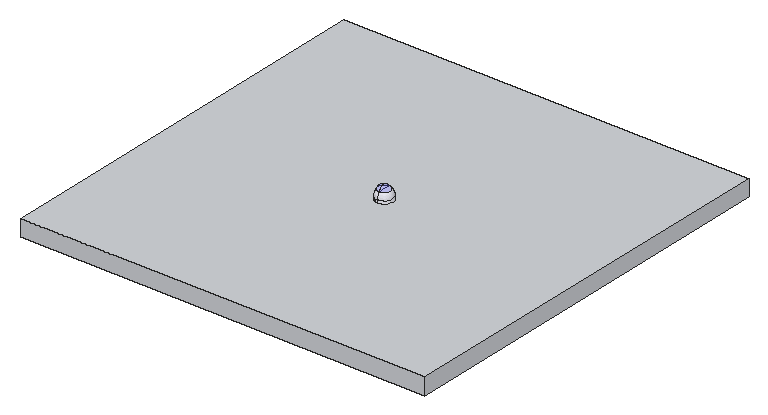
Revit family "BEG-92218", category Dispositifs d'éclairage, Revit 2015
Parameters
  Detection zone [instance] = yes
  URL = "http://www.luxomat.com/en-92218"
  Type of output = "DIM (50 ballasts max)"
  Ambiant temperature = "-25°C to +50°C"
  Ref = "92218"
  Relay = "10A"
  height position [instance] = 250 cm
  Modèle = "PD4M-DIM-C-SM"
  Installation type = "Ceiling"
  Brand = "LUXOMAT"
  Image du type = 92218.jpg
  IP = "54"
  Mounting height max = Installation height max  # 270 cm
  Installation height max = 270 cm
  Fabricant = "B.E.G"
  Label [instance] = yes
  Default Elevation = 0 cm
  Consumption = "0.48W"
  Commentaires du type = "Occupancy detector PD4M-DIM-C-SM"
  Code d'assemblage = "D5010200"
  Class = "2"
  Switching power LED = "300W"
  Switching power Cos ɸ =1 = "2300W"
  Switching power Cos ɸ =0.5 = "1150VA"
  Power voltage = "110-240 V AC"
Reference planes (cm)
  plane 1 "Centre (avant/arrière)": y = 0
  plane 2: z = 0
  plane 3 "Centre (gauche/droite)": x = 0
Forms (cm)
  Extrusion 1, solid
    sketch origin (0, 0, 0) x (1, 0, 0) y (0, 1, 0)
      loop
        line (-121.92, 121.92) -> (-121.92, -121.92) -> (121.92, -121.92) -> (121.92, 121.92) -> (-121.92, 121.92)
    from 0 to -10
Dimensions and locks (cm)
  aligned and locked: plane 2 to Extrusion 1
  aligned and locked: level to Extrusion 1
  aligned and locked: nested 2 to plane 2
Nested families (cm)
  nested 1: "Famille1" at (0, -72.6659, 0) x (-1, 0, 0) z (0, 0, 1), reference <- "Ref", modele <- "Modèle", visible <- "Label", type "Famille1"
    with reference "92218", modele "PD4M-DIM-C-SM"
  nested 2: "M14" at (0, 0, 0), type "Standard"
  nested 3: "Symbole plafond 2D couloir" at (0, 0.102, 0), type "Symbole plafond 2D couloir"
  nested 4: "zone I" at (0, 0, 0), visible <- "Detection zone", type "zone I"
    with position 2 320 cm, position 1 960 cm, frontal 800 cm, biais 2400 cm, activité assise 640 cm
Connectors (cm)
  electrical at (0.5717, -0.15, -5.1)
    settings: on nested 2, index 1, voltage 240 V, apparent load 0 VA, apparent load phase1 0 VA, apparent load phase2 0 VA, apparent load phase3 0 VA, power factor 1, load classification "Eclairage", number of poles 1, system type 31, power factor state 1, is connector primary yes, connector utility no, sub classification motor no, connector description ""
Definition of nested family "M14"
  Reference planes (cm)
    plane 1 "Centre (avant/arrière)": y = 0
    plane 2: z = 0
    plane 3 "Centre (gauche/droite)": x = 0
    plane 4: x = 0
  Forms (cm)
    Revolve 1, solid
      sketch origin (0, 0, 0) x (0, -1, 0) y (0, 0, 1)
        loop
          line (0, 0) -> (0, 5) -> (-3.8, 5)
          arc (-3.8, 5) -> (-4.577, 3.2225) -> (-4.8363, 1.3) r 7
          line (-4.8363, 1.3) -> (-4.9363, 1.3) -> (-5.05, 0) -> (0, 0)
        axis (0, 0) -> (0, 5)
      angle from 0 to 360
    Revolve 2, solid
      sketch origin (0, 0, 0) x (0, -1, 0) y (0, 0, 1)
        loop
          arc (0, 7.6) -> (-2.2816, 6.8864) -> (-3.75, 5) r 4.0043
          line (-3.75, 5) -> (0, 5) -> (0, 7.6)
        axis (0, 5) -> (0, 7.6)
      angle from 0 to 360
  Lines and regions (cm)
    reference lines
      curve 1: line (0, 0, 0) -> (0, 0, 7.6)
      curve 2: line (0, 0, 5) -> (0, 3.8, 5)
      curve 3: arc (0, 3.8, 5) -> (0, 4.577, 3.2225) -> (0, 4.8363, 1.3) r 7
      curve 4: line (0, 4.9363, 1.3) -> (0, 4.8363, 1.3)
      curve 5: line (0, 5.05, 0) -> (0, 4.9363, 1.3)
      curve 6: line (0, 0, 0) -> (0, 5.05, 0)
      curve 7: arc (0, 0, 7.6) -> (0, 2.2816, 6.8864) -> (0, 3.75, 5) r 4.0043
      curve 8: line (0, 3.75, 5) -> (0, 0, 5)
      curve 9: line (0, 0, 7.6) -> (0, 0, 5)
      curve 10: line (0, 0, 0) -> (0, 0, 7.6)
  Dimensions and locks (cm)
    aligned and locked: level to plane 2
    aligned and locked: Revolve 1 sketch curve to curve 1  (x2)
    aligned and locked: Revolve 1 sketch curve to curve 2
    aligned and locked: Revolve 1 sketch curve to curve 3
    aligned and locked: Revolve 1 sketch curve to curve 4
    aligned and locked: Revolve 1 sketch curve to curve 5
    aligned and locked: Revolve 1 sketch curve to curve 6
    aligned and locked: Revolve 2 sketch curve to curve 7
    aligned and locked: Revolve 2 sketch curve to curve 8
    aligned and locked: Revolve 2 sketch curve to curve 9
    aligned and locked: Revolve 2 sketch curve to curve 10
Definition of nested family "Famille1"
  Parameters (values of type "Famille1")
    reference [instance] = ""
    modele [instance] = ""
  Reference planes (cm)
    plane 1: y = 0
    plane 2: x = 0
  Text (cm)
    label "reference\n\nmodele" at (0.0074, 0.0451, 0), shows "reference", "modele"
Definition of nested family "Symbole plafond 2D couloir"
  Reference planes (cm)
    plane 1: y = 0
    plane 2: x = 0
  Lines and regions (cm)
    Filled region 1, type "rouge"
      outline origin (0, 0, 0) x (1, 0, 0) y (0, 1, 0)
        loop
          circle (0, 0) r 0.0294
    detail lines
      curve 1: arc (-0.0294, 0, 0) -> (0, -0.0294, 0) -> (0.0294, 0, 0) r 0.0294
      curve 2: arc (0.0294, 0, 0) -> (0, 0.0294, 0) -> (-0.0294, 0, 0) r 0.0294
      curve 3: arc (-0.1768, 0.102, 0) -> (-0.2041, 0, 0) -> (-0.1768, -0.102, 0) r 0.204
      curve 4: arc (0.1766, -0.102, 0) -> (0.2039, 0, 0) -> (0.1766, 0.102, 0) r 0.204
      curve 5: arc (-0.1404, 0.081, 0) -> (-0.1621, 0, 0) -> (-0.1404, -0.081, 0) r 0.162
      curve 6: arc (0.1402, -0.081, 0) -> (0.1619, 0, 0) -> (0.1402, 0.081, 0) r 0.162
      curve 7: arc (-0.104, 0.06, 0) -> (-0.1201, 0, 0) -> (-0.104, -0.06, 0) r 0.12
      curve 8: arc (0.1038, -0.06, 0) -> (0.1199, 0, 0) -> (0.1038, 0.06, 0) r 0.12
Definition of nested family "zone I"
  Parameters (values of type "zone I")
    position 2 [instance] = (frontal / 2) * 0.8  # 320 cm
    position 1 [instance] = (biais / 2) * 0.8  # 960 cm
    frontal [instance] = 800 cm
    biais [instance] = 2400 cm
    activité assise [instance] = 640 cm
  Reference planes (cm)
    plane 1 "Centre (avant/arrière)": y = 0
    plane 2: z = 0
    plane 3 "Centre (gauche/droite)": x = 0
    plane 4: x = 1000
    plane 5: x = -1000
    plane 6: x = -2000
    plane 7: x = 2000
    plane 8: y = 150
    plane 9: y = -150
    plane 10: y = 250
    plane 11: y = -250
  Lines and regions (cm)
    detail lines, in view "Niveau de réf."
      curve 1: spline (2.3068, -307.7265, 0) -> (4.0856, -307.3949, 0) -> (5.7432, -306.4226, 0) -> (7.1667, -304.876, 0) -> (8.2589, -302.8603, 0) -> (8.9455, -300.5131, 0) -> (9.1797, -297.9942, 0) -> (8.9455, -295.4753, 0) -> (8.2589, -293.1281, 0) -> (7.1667, -291.1125, 0) -> (5.7432, -289.5658, 0) -> (4.0856, -288.5936, 0) -> (2.3068, -288.262, 0) -> (0.5279, -288.5936, 0) -> (-1.1297, -289.5658, 0) -> (-2.5531, -291.1125, 0) -> (-3.6453, -293.1281, 0) -> (-4.3319, -295.4753, 0) -> (-4.5661, -297.9942, 0) -> (-4.3319, -300.5131, 0) -> (-3.6453, -302.8603, 0) -> (-2.5531, -304.876, 0) -> (-1.1297, -306.4226, 0) -> (0.5279, -307.3949, 0) -> (2.3068, -307.7265, 0)
      curve 2: line (-4.7649, -295.0929, 0) -> (0.5136, -307.9212, 0)
      curve 3: line (3.5648, -308.0775, 0) -> (9.2455, -294.5266, 0)
      curve 4: line (-0.3759, -288.4588, 0) -> (-3.0011, -290.8806, 0)
      curve 5: line (3.5053, -308.5045, 0) -> (6.62, -308.3756, 0)
      curve 6: line (1.7304, -308.3525, 0) -> (3.5053, -308.5045, 0)
      curve 7: line (-4.7649, -295.0929, 0) -> (0.5136, -307.9212, 0)
      curve 8: line (-21.1936, -295.3894, 0) -> (-24.4202, -297.3623, 0)
      curve 9: line (-21.1936, -295.3894, 0) -> (-24.4202, -297.3623, 0)
      curve 10: line (-0.3759, -288.4588, 0) -> (-3.0011, -290.8806, 0)
      curve 11: line (1.7304, -308.3525, 0) -> (6.62, -308.3756, 0)
      curve 12: line (3.5648, -308.0775, 0) -> (9.2455, -294.5266, 0)
      curve 13: line (0, -280, 0) -> (0, -249.0788, 0)
      curve 14: line (0, -249.0788, 0) -> (0, -240.7814, 0)
      curve 15: spline (-1521.106, -27.7265, 0) -> (-1519.3271, -27.3949, 0) -> (-1517.6695, -26.4226, 0) -> (-1516.2461, -24.876, 0) -> (-1515.1539, -22.8603, 0) -> (-1514.4673, -20.5131, 0) -> (-1514.2331, -17.9942, 0) -> (-1514.4673, -15.4753, 0) -> (-1515.1539, -13.1281, 0) -> (-1516.2461, -11.1125, 0) -> (-1517.6695, -9.5658, 0) -> (-1519.3271, -8.5936, 0) -> (-1521.106, -8.262, 0) -> (-1522.8848, -8.5936, 0) -> (-1524.5424, -9.5658, 0) -> (-1525.9659, -11.1125, 0) -> (-1527.0581, -13.1281, 0) -> (-1527.7447, -15.4753, 0) -> (-1527.9789, -17.9942, 0) -> (-1527.7447, -20.5131, 0) -> (-1527.0581, -22.8603, 0) -> (-1525.9659, -24.876, 0) -> (-1524.5424, -26.4226, 0) -> (-1522.8848, -27.3949, 0) -> (-1521.106, -27.7265, 0)
      curve 16: line (-1528.1777, -15.0929, 0) -> (-1522.8992, -27.9212, 0)
      curve 17: line (-1519.848, -28.0775, 0) -> (-1514.1673, -14.5266, 0)
      curve 18: line (-1523.7887, -8.4588, 0) -> (-1526.4139, -10.8806, 0)
      curve 19: line (-1519.9075, -28.5045, 0) -> (-1516.7928, -28.3756, 0)
      curve 20: line (-1521.6824, -28.3525, 0) -> (-1519.9075, -28.5045, 0)
      curve 21: line (-1528.1777, -15.0929, 0) -> (-1522.8992, -27.9212, 0)
      curve 22: line (-1544.6063, -15.3894, 0) -> (-1547.833, -17.3623, 0)
      curve 23: line (-1544.6063, -15.3894, 0) -> (-1547.833, -17.3623, 0)
      curve 24: line (-1523.7887, -8.4588, 0) -> (-1526.4139, -10.8806, 0)
      curve 25: line (-1521.6824, -28.3525, 0) -> (-1516.7928, -28.3756, 0)
      curve 26: line (-1519.848, -28.0775, 0) -> (-1514.1673, -14.5266, 0)
      curve 27: line (-1523.4128, 0, 0) -> (-1523.4128, 30.9212, 0)
      curve 28: line (-1523.4128, 30.9212, 0) -> (-1523.4128, 39.2186, 0)
      curve 169: spline (-372.7692, 145.0624, 0) -> (-523.6863, 149.8316, 0) -> (-672.4215, 140.7991, 0) -> (-805.2741, 118.7969, 0) -> (-910.0066, 85.8517, 0) -> (-976.9713, 44.9984, 0) -> (-1000, 0, 0) -> (-976.9713, -44.9984, 0) -> (-910.0066, -85.8517, 0) -> (-805.2741, -118.7969, 0) -> (-672.4215, -140.7991, 0) -> (-523.6863, -149.8316, 0) -> (-372.7692, -145.0624, 0)
      curve 170: arc (-1930.5405, 241.3176, 0) -> (-2000, 0, 0) -> (-1930.5405, -241.3176, 0) r 453.9252
      curve 171: line (-852.071, 106.5089, 0) -> (-1930.5405, 241.3176, 0)
      curve 172: line (-852.071, -106.5089, 0) -> (-1930.5405, -241.3176, 0)
      curve 173: arc (-372.7692, -145.0624, 0) -> (0, -400, 0) -> (372.7692, -145.0624, 0) r 400
      curve 174: spline (372.7692, 145.0624, 0) -> (523.6863, 149.8316, 0) -> (672.4215, 140.7991, 0) -> (805.2741, 118.7969, 0) -> (910.0066, 85.8517, 0) -> (976.9713, 44.9984, 0) -> (1000, 0, 0) -> (976.9713, -44.9984, 0) -> (910.0066, -85.8517, 0) -> (805.2741, -118.7969, 0) -> (672.4215, -140.7991, 0) -> (523.6863, -149.8316, 0) -> (372.7692, -145.0624, 0)
      curve 175: arc (1930.5405, 241.3176, 0) -> (2000, 0, 0) -> (1930.5405, -241.3176, 0) r 453.9252
      curve 176: line (852.071, 106.5089, 0) -> (1930.5405, 241.3176, 0)
      curve 177: line (852.071, -106.5089, 0) -> (1930.5405, -241.3176, 0)
      curve 178: arc (372.7692, 145.0624, 0) -> (0, 400, 0) -> (-372.7692, 145.0624, 0) r 400
    detail lines, in view "Niveau de réf.", not visible
      curve 29: spline (925.976, -22.5654, 0) -> (926.342, -22.7186, 0) -> (927.4152, -22.8614, 0) -> (929.1224, -22.984, 0) -> (931.3472, -23.0781, 0) -> (933.938, -23.1373, 0) -> (936.7184, -23.1574, 0) -> (939.4987, -23.1373, 0) -> (942.0896, -23.0781, 0) -> (944.3144, -22.984, 0) -> (946.0216, -22.8614, 0) -> (947.0948, -22.7186, 0) -> (947.4608, -22.5654, 0) -> (947.0948, -22.4122, 0) -> (946.0216, -22.2694, 0) -> (944.3144, -22.1467, 0) -> (942.0896, -22.0527, 0) -> (939.4987, -21.9935, 0) -> (936.7184, -21.9733, 0) -> (933.938, -21.9935, 0) -> (931.3472, -22.0527, 0) -> (929.1224, -22.1467, 0) -> (927.4152, -22.2694, 0) -> (926.342, -22.4122, 0) -> (925.976, -22.5654, 0)
      curve 30: line (925.976, -22.5654, 0) -> (927.5256, -22.2591, 0)
      curve 31: arc (928.6032, -42.366, 0) -> (923.9612, -42.9632, 0) -> (919.6215, -44.716, 0) r 18.3388
      curve 32: arc (919.6215, -44.716, 0) -> (919.5545, -44.7818, 0) -> (919.5297, -44.8725, 0) r 0.1799
      curve 33: arc (928.7956, -42.9577, 0) -> (924.5053, -43.3576, 0) -> (920.3988, -44.6624, 0) r 20.1051
      curve 34: arc (920.3988, -44.6624, 0) -> (920.213, -44.7562, 0) -> (920.0404, -44.8725, 0) r 1.6679
      curve 35: circle (919.7851, -45.6065, 0) r 0.5096 normal (0, 0, 1)
      curve 36: arc (920.3547, -45.6065, 0) -> (919.7851, -45.0369, 0) -> (919.2155, -45.6065, 0) r 0.5696
      curve 37: arc (920.4147, -45.6065, 0) -> (919.7851, -44.9769, 0) -> (919.1555, -45.6065, 0) r 0.6296
      curve 38: arc (944.8336, -42.366, 0) -> (949.4756, -42.9632, 0) -> (953.8152, -44.716, 0) r 18.3388
      curve 39: arc (953.8152, -44.716, 0) -> (953.8823, -44.7818, 0) -> (953.907, -44.8725, 0) r 0.1799
      curve 40: arc (944.6412, -42.9577, 0) -> (948.9315, -43.3576, 0) -> (953.038, -44.6624, 0) r 20.1051
      curve 41: arc (953.038, -44.6624, 0) -> (953.2237, -44.7562, 0) -> (953.3964, -44.8725, 0) r 1.6679
      curve 42: circle (953.6517, -45.6065, 0) r 0.5096 normal (0, 0, 1)
      curve 43: arc (954.2213, -45.6065, 0) -> (953.6517, -45.0369, 0) -> (953.0821, -45.6065, 0) r 0.5696
      curve 44: arc (954.2813, -45.6065, 0) -> (953.6517, -44.9769, 0) -> (953.0221, -45.6065, 0) r 0.6296
      curve 45: arc (935.9933, -42.366, 0) -> (932.2655, -43.2182, 0) -> (928.7471, -44.716, 0) r 21.5424
      curve 46: arc (928.7471, -44.716, 0) -> (928.68, -44.7818, 0) -> (928.6553, -44.8725, 0) r 0.1799
      curve 47: arc (935.9933, -42.9577, 0) -> (932.6991, -43.5833, 0) -> (929.5243, -44.6624, 0) r 23.9713
      curve 48: arc (929.5243, -44.6624, 0) -> (929.3417, -44.7544, 0) -> (929.1716, -44.8681, 0) r 1.6679
      curve 49: arc (936.2298, -42.9577, 0) -> (932.9838, -43.6066, 0) -> (929.8464, -44.6624, 0) r 26.0219
      curve 50: arc (929.8464, -44.6624, 0) -> (929.6606, -44.7562, 0) -> (929.488, -44.8725, 0) r 1.6679
      curve 51: circle (929.0716, -45.6065, 0) r 0.5096 normal (0, 0, 1)
      curve 52: arc (929.6412, -45.6065, 0) -> (929.0716, -45.0369, 0) -> (928.502, -45.6065, 0) r 0.5696
      curve 53: arc (929.7012, -45.6065, 0) -> (929.0716, -44.9769, 0) -> (928.442, -45.6065, 0) r 0.6296
      curve 54: arc (937.4435, -42.366, 0) -> (941.1713, -43.2182, 0) -> (944.6897, -44.716, 0) r 21.5424
      curve 55: arc (944.6897, -44.716, 0) -> (944.7568, -44.7818, 0) -> (944.7815, -44.8725, 0) r 0.1799
      curve 56: arc (937.4435, -42.9577, 0) -> (940.7377, -43.5833, 0) -> (943.9124, -44.6624, 0) r 23.9713
      curve 57: arc (943.9124, -44.6624, 0) -> (944.0982, -44.7562, 0) -> (944.2708, -44.8725, 0) r 1.6679
      curve 58: arc (937.207, -42.9577, 0) -> (940.453, -43.6066, 0) -> (943.5904, -44.6624, 0) r 26.0219
      curve 59: arc (943.5904, -44.6624, 0) -> (943.7762, -44.7562, 0) -> (943.9488, -44.8725, 0) r 1.6679
      curve 60: circle (944.3651, -45.6065, 0) r 0.5096 normal (0, 0, 1)
      curve 61: arc (944.9347, -45.6065, 0) -> (944.3651, -45.0369, 0) -> (943.7956, -45.6065, 0) r 0.5696
      curve 62: arc (944.9947, -45.6065, 0) -> (944.3651, -44.9769, 0) -> (943.7356, -45.6065, 0) r 0.6296
      curve 63: arc (928.2447, -16.9067, 0) -> (929.3751, -19.9599, 0) -> (932.3873, -21.1953, 0) r 4.0512
      curve 64: arc (947.5341, -21.5503, 0) -> (948.2989, -21.9955, 0) -> (948.4581, -22.866, 0) r 1.0582
      curve 65: arc (948.4581, -22.866, 0) -> (947.1637, -32.0042, 0) -> (947.1824, -41.2336, 0) r 64.7189
      curve 66: arc (947.1824, -41.2336, 0) -> (947.3196, -41.7803, 0) -> (947.8, -42.0753, 0) r 0.7467
      curve 67: arc (947.8, -42.0753, 0) -> (950.8812, -42.6489, 0) -> (954.0146, -42.7177, 0) r 19.3577
      curve 68: arc (954.0146, -42.7177, 0) -> (953.6164, -42.2163, 0) -> (953.0065, -42.0212, 0) r 1.1013
      curve 69: arc (953.0065, -42.0212, 0) -> (950.8253, -41.5868, 0) -> (948.6939, -40.9514, 0) r 23.8747
      curve 70: arc (948.6939, -40.9514, 0) -> (949.6481, -32.326, 0) -> (950.4047, -23.6811, 0) r 379.1961
      curve 71: arc (950.4047, -23.6811, 0) -> (950.1819, -20.9354, 0) -> (948.1945, -19.0278, 0) r 3.8846
      curve 72: arc (948.1945, -19.0278, 0) -> (942.0386, -16.9625, 0) -> (935.5985, -16.1341, 0) r 33.2193
      curve 73: arc (935.5985, -16.1341, 0) -> (936.4011, -8.4722, 0) -> (936.3918, -0.7683, 0) r 72.9952
      curve 74: arc (936.1411, 2.5028, 0) -> (936.0331, 3.5186, 0) -> (935.9108, 4.5328, 0) r 72.9952
      curve 75: arc (933.0779, 4.298, 0) -> (930.9101, 3.5141, 0) -> (931.7641, 1.3729, 0) r 1.6042
      curve 76: arc (935.9108, 4.5328, 0) -> (932.5228, 6.4802, 0) -> (929.1348, 4.5328, 0) r 3.9209
      curve 77: arc (962.4108, -5.4595, 0) -> (962.3989, -5.5507, 0) -> (962.3115, -5.5223, 0) r 0.0597
      curve 78: arc (960.275, -5.2364, 0) -> (960.303, -5.394, 0) -> (960.1444, -5.4151, 0) r 0.1108
      curve 79: spline (932.3619, 15.8637, 0) -> (933.2734, 15.7331, 0) -> (934.1297, 15.3083, 0) -> (934.8726, 14.6182, 0) -> (935.4514, 13.7099, 0) -> (935.8267, 12.6452, 0) -> (935.9728, 11.4968, 0) -> (935.8798, 10.3428, 0) -> (935.5541, 9.262, 0) -> (935.0179, 8.3279, 0) -> (934.3076, 7.6043, 0) -> (933.4718, 7.1404, 0) -> (932.5673, 6.9679, 0) -> (931.6558, 7.0985, 0) -> (930.7994, 7.5233, 0) -> (930.0565, 8.2134, 0) -> (929.4777, 9.1217, 0) -> (929.1025, 10.1864, 0) -> (928.9564, 11.3348, 0) -> (929.0493, 12.4888, 0) -> (929.375, 13.5696, 0) -> (929.9113, 14.5037, 0) -> (930.6215, 15.2273, 0) -> (931.4574, 15.6912, 0) -> (932.3619, 15.8637, 0)
      curve 80: line (957.0918, -46.116, 0) -> (997.8768, -46.116, 0)
      curve 81: line (997.8768, -46.116, 0) -> (997.8768, -7.1091, 0)
      curve 82: line (997.8768, -7.1091, 0) -> (957.0918, -7.1091, 0)
      curve 83: line (957.0918, -7.1091, 0) -> (957.0918, -46.116, 0)
      curve 84: line (957.0918, -46.116, 0) -> (910.5345, -46.116, 0)
      curve 85: line (951.1501, -7.1091, 0) -> (1003.8185, -7.1091, 0)
      curve 86: line (1003.8185, -7.1091, 0) -> (1003.8185, -5.6427, 0)
      curve 87: line (1003.8185, -5.6427, 0) -> (951.1501, -5.6427, 0)
      curve 88: line (951.1501, -5.6427, 0) -> (951.1501, -7.1091, 0)
      curve 89: line (935.7304, -23.1574, 0) -> (937.7064, -23.1574, 0)
      curve 90: line (937.7064, -23.1574, 0) -> (937.7064, -42.366, 0)
      curve 91: line (937.7064, -42.366, 0) -> (935.7304, -42.366, 0)
      curve 92: line (935.7304, -42.366, 0) -> (935.7304, -23.1574, 0)
      curve 93: line (935.7304, -42.366, 0) -> (928.6032, -42.366, 0)
      curve 94: line (919.5297, -44.8725, 0) -> (920.0404, -44.8725, 0)
      curve 95: line (937.4435, -42.366, 0) -> (937.207, -42.9577, 0)
      curve 96: line (937.207, -42.9577, 0) -> (937.4435, -42.9577, 0)
      curve 97: line (937.4435, -42.9577, 0) -> (936.7184, -42.9577, 0)
      curve 98: line (936.7184, -42.9577, 0) -> (935.9933, -42.9577, 0)
      curve 99: line (935.9933, -42.9577, 0) -> (936.2298, -42.9577, 0)
      curve 100: line (936.2298, -42.9577, 0) -> (935.9933, -42.366, 0)
      curve 101: line (933.13, -42.9577, 0) -> (928.7956, -42.9577, 0)
      curve 102: line (919.2155, -45.6065, 0) -> (919.1555, -45.6065, 0)
      curve 103: line (920.3547, -45.6065, 0) -> (920.4147, -45.6065, 0)
      curve 104: line (919.8851, -44.9848, 0) -> (919.8851, -44.8725, 0)
      curve 105: line (919.6851, -44.9848, 0) -> (919.6851, -44.8725, 0)
      curve 106: line (937.7064, -42.366, 0) -> (944.8336, -42.366, 0)
      curve 107: line (953.907, -44.8725, 0) -> (953.3964, -44.8725, 0)
      curve 108: line (940.3068, -42.9577, 0) -> (944.6412, -42.9577, 0)
      curve 109: line (954.2213, -45.6065, 0) -> (954.2813, -45.6065, 0)
      curve 110: line (953.0821, -45.6065, 0) -> (953.0221, -45.6065, 0)
      curve 111: line (953.5517, -44.9848, 0) -> (953.5517, -44.8725, 0)
      curve 112: line (953.7517, -44.9848, 0) -> (953.7517, -44.8725, 0)
      curve 113: line (928.6553, -44.8725, 0) -> (929.488, -44.8725, 0)
      curve 114: line (928.502, -45.6065, 0) -> (928.442, -45.6065, 0)
      curve 115: line (929.6412, -45.6065, 0) -> (929.7012, -45.6065, 0)
      curve 116: line (929.1716, -44.9848, 0) -> (929.1716, -44.8681, 0)
      curve 117: line (928.9716, -44.9848, 0) -> (928.9716, -44.8725, 0)
      curve 118: line (944.7815, -44.8725, 0) -> (943.9488, -44.8725, 0)
      curve 119: line (944.9347, -45.6065, 0) -> (944.9947, -45.6065, 0)
      curve 120: line (943.7956, -45.6065, 0) -> (943.7356, -45.6065, 0)
      curve 121: line (944.2651, -44.9848, 0) -> (944.2651, -44.8725, 0)
      curve 122: line (944.4651, -44.9848, 0) -> (944.4651, -44.8725, 0)
      curve 123: line (932.3873, -21.1953, 0) -> (947.5341, -21.5503, 0)
      curve 124: line (928.2447, -16.9067, 0) -> (929.1348, 4.5328, 0)
      curve 125: line (933.0779, 4.298, 0) -> (945.9271, -3.2324, 0)
      curve 126: line (945.9271, -3.2324, 0) -> (956.9598, -4.1102, 0)
      curve 127: line (956.9598, -4.1102, 0) -> (959.6493, -4.0553, 0)
      curve 128: line (959.6493, -4.0553, 0) -> (961.5155, -4.4943, 0)
      curve 129: line (961.5155, -4.4943, 0) -> (962.4108, -5.4595, 0)
      curve 130: line (962.3115, -5.5223, 0) -> (961.4719, -4.6876, 0)
      curve 131: line (961.4719, -4.6876, 0) -> (959.6412, -4.4783, 0)
      curve 132: line (959.6412, -4.4783, 0) -> (959.2367, -4.7524, 0)
      curve 133: line (959.2367, -4.7524, 0) -> (960.275, -5.2364, 0)
      curve 134: line (960.1444, -5.4151, 0) -> (958.5871, -4.8823, 0)
      curve 135: line (958.5871, -4.8823, 0) -> (956.7566, -5.1214, 0)
      curve 136: line (956.7566, -5.1214, 0) -> (945.2383, -4.8614, 0)
      curve 137: line (945.2383, -4.8614, 0) -> (931.7641, 1.3729, 0)
      curve 138: line (931.3882, 7.1969, 0) -> (931.2583, 6.2707, 0)
      curve 139: line (933.7384, 7.2529, 0) -> (933.8809, 6.2375, 0)
      curve 140: line (997.8768, -46.116, 0) -> (1009.4512, -46.116, 0)
      curve 141: spline (630.3724, -48.277, 0) -> (632.1512, -47.9453, 0) -> (633.8088, -46.9731, 0) -> (635.2323, -45.4264, 0) -> (636.3245, -43.4108, 0) -> (637.0111, -41.0636, 0) -> (637.2453, -38.5447, 0) -> (637.0111, -36.0258, 0) -> (636.3245, -33.6786, 0) -> (635.2323, -31.663, 0) -> (633.8088, -30.1163, 0) -> (632.1512, -29.1441, 0) -> (630.3724, -28.8124, 0) -> (628.5935, -29.1441, 0) -> (626.9359, -30.1163, 0) -> (625.5125, -31.663, 0) -> (624.4202, -33.6786, 0) -> (623.7336, -36.0258, 0) -> (623.4995, -38.5447, 0) -> (623.7336, -41.0636, 0) -> (624.4202, -43.4108, 0) -> (625.5125, -45.4264, 0) -> (626.9359, -46.9731, 0) -> (628.5935, -47.9453, 0) -> (630.3724, -48.277, 0)
      curve 142: line (623.3007, -35.6434, 0) -> (628.5792, -48.4717, 0)
      curve 143: line (631.6303, -48.628, 0) -> (637.311, -35.0771, 0)
      curve 144: line (627.6897, -29.0093, 0) -> (625.0645, -31.4311, 0)
      curve 145: line (631.5709, -49.055, 0) -> (634.6856, -48.9261, 0)
      curve 146: line (629.7959, -48.903, 0) -> (631.5709, -49.055, 0)
      curve 147: line (623.3007, -35.6434, 0) -> (628.5792, -48.4717, 0)
      curve 148: line (606.872, -35.9399, 0) -> (603.6454, -37.9127, 0)
      curve 149: line (606.872, -35.9399, 0) -> (603.6454, -37.9127, 0)
      curve 150: line (627.6897, -29.0093, 0) -> (625.0645, -31.4311, 0)
      curve 151: line (629.7959, -48.903, 0) -> (634.6856, -48.9261, 0)
      curve 152: line (631.6303, -48.628, 0) -> (637.311, -35.0771, 0)
      curve 153: line (628.0656, -20.5505, 0) -> (628.0656, 10.3707, 0)
      curve 154: line (628.0656, 10.3707, 0) -> (628.0656, 18.6681, 0)
      curve 155: spline (1030.3724, -260.777, 0) -> (1032.1512, -260.4453, 0) -> (1033.8088, -259.4731, 0) -> (1035.2323, -257.9264, 0) -> (1036.3245, -255.9108, 0) -> (1037.0111, -253.5636, 0) -> (1037.2453, -251.0447, 0) -> (1037.0111, -248.5258, 0) -> (1036.3245, -246.1786, 0) -> (1035.2323, -244.163, 0) -> (1033.8088, -242.6163, 0) -> (1032.1512, -241.6441, 0) -> (1030.3724, -241.3124, 0) -> (1028.5935, -241.6441, 0) -> (1026.9359, -242.6163, 0) -> (1025.5125, -244.163, 0) -> (1024.4202, -246.1786, 0) -> (1023.7336, -248.5258, 0) -> (1023.4995, -251.0447, 0) -> (1023.7336, -253.5636, 0) -> (1024.4202, -255.9108, 0) -> (1025.5125, -257.9264, 0) -> (1026.9359, -259.4731, 0) -> (1028.5935, -260.4453, 0) -> (1030.3724, -260.777, 0)
      curve 156: line (1023.3007, -248.1434, 0) -> (1028.5792, -260.9717, 0)
      curve 157: line (1031.6303, -261.128, 0) -> (1037.311, -247.5771, 0)
      curve 158: line (1027.6897, -241.5093, 0) -> (1025.0645, -243.9311, 0)
      curve 159: line (1031.5709, -261.555, 0) -> (1034.6856, -261.4261, 0)
      curve 160: line (1029.7959, -261.403, 0) -> (1031.5709, -261.555, 0)
      curve 161: line (1023.3007, -248.1434, 0) -> (1028.5792, -260.9717, 0)
      curve 162: line (1006.872, -248.4399, 0) -> (1003.6454, -250.4127, 0)
      curve 163: line (1006.872, -248.4399, 0) -> (1003.6454, -250.4127, 0)
      curve 164: line (1027.6897, -241.5093, 0) -> (1025.0645, -243.9311, 0)
      curve 165: line (1029.7959, -261.403, 0) -> (1034.6856, -261.4261, 0)
      curve 166: line (1031.6303, -261.128, 0) -> (1037.311, -247.5771, 0)
      curve 167: line (1028.0656, -233.0505, 0) -> (1028.0656, -202.1293, 0)
      curve 168: line (1028.0656, -202.1293, 0) -> (1028.0656, -193.8319, 0)
  Text (cm)
    text "2" at (0.4332, -321.3743, 0), in view "Niveau de réf."
    text "1" at (-1522.9796, -41.3743, 0), in view "Niveau de réf."
    text "1" at (628.4988, -61.9248, 0), in view "Niveau de réf.", not visible
    text "2" at (1028.4988, -274.4248, 0), in view "Niveau de réf.", not visible
  Dimensions and locks (cm)
    aligned and locked: curve 27 to plane 1 "Centre (avant/arrière)"
    aligned and locked: curve 13 to plane 3 "Centre (gauche/droite)"
